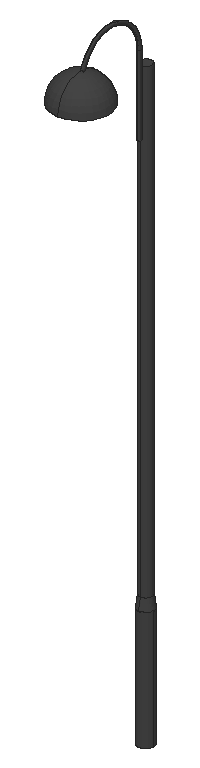
Revit family
Parameters
  Wattage = 250 W
  built-in parameter 1150110 = 1 (stored number, unit not read)
  built-in parameter 1114217 = 1 (stored number, unit not read)
  built-in parameter 1150109 = 1 (stored number, unit not read)
  built-in parameter 1150134 = 3
  built-in parameter 1150113 = 1 (stored number, unit not read)
  Material Post = Paint - Black Matte
  Main Radius = Base Radius - 25 mm  # 75 mm
  built-in parameter 1150105 = 1432.4 (stored number, unit not read)
  Lumens = 4500 lm
  built-in parameter 1150115 = 1 (stored number, unit not read)
  Light shade radius = 350 mm
  Light Source Symbol Size = 609.6 mm
  Light Overhang = 1000 mm
  built-in parameter 1150137 = (empty or 0)
  built-in parameter 1150139 = (empty or 0)
  built-in parameter 1150112 = 1 (stored number, unit not read)
  built-in parameter 1150114 = 1 (stored number, unit not read)
  built-in parameter 1150132 = (empty or 0)
  built-in parameter 1150102 = (empty or 0)
  built-in parameter 1150107 = 3200 (stored number, unit not read)
  built-in parameter 1150138 = (empty or 0)
  built-in parameter 1150106 = 14.324 (stored number, unit not read)
  Height = 7500 mm
  built-in parameter 1150104 = 1.6723 (stored number, unit not read)
  Dimming Lamp Color Temperature Shift = (empty or 0)
  Color Filter = 16777215
  Base Radius = 100 mm
  Base Height = 1500 mm
  built-in parameter 1114218 = 1 (stored number, unit not read)
  built-in parameter 1150133 = 10 (stored number, unit not read)
Reference planes
  plane 1 "Light Source Axis (F/B)": y = 0
  plane 2: z = 0
  plane 3 "Light Source Axis (L/R)": x = 0
  plane 4 "Light Source Elevation": z = 7500
  plane 5: z = 1500
  plane 6: z = 1650
  plane 7: y = -1000
  plane 8: z = 6700
  plane 9: z = 7950
  plane 10: y = -100
  plane 11: y = -550
  plane 12: z = 7700
  plane 13: z = 8100
  plane 14: y = -650
Forms (mm)
  Extrusion 1, solid, material "Paint - Black Matte" <- "Material Post"
    sketch origin (0, 0, 0) x (1, 0, 0) y (0, 1, 0)
      loop
        circle (0, 0) r 100
    from 0 to 1500
  Extrusion 2, solid, material "Paint - Black Matte" <- "Material Post"
    sketch origin (0, 0, 1650) x (0, -1, 0) y (-1, 0, 0)
      loop
        circle (0, 0) r 75
    from 0 to -5850
  Blend 3, solid, material "Paint - Black Matte" <- "Material Post"
    base sketch origin (0, 0, 1500) x (0, -1, 0) y (1, 0, 0)
      loop
        circle (0, 0) r 100
    top sketch origin (0, 0, 1500) x (0, -1, 0) y (1, 0, 0)
      loop
        circle (0, 0) r 75
    from 0 to 150
  Sweep 4, solid, material "Paint - Black Matte" <- "Material Post"
    path origin (0, 0, 0) x (0, 1, 0) y (0, 0, 1)
      loop
        line (-100, 6700) -> (-100, 7700)
        arc (-100, 7700) -> (-550, 8150) -> (-1000, 7700) r 450
    profile origin (0, 0, 7200) x (0, -1, 0) y (1, 0, 0)
      loop
        circle (100, 0) r 20
  Revolve 5, solid, material "Paint - Black Matte" <- "Material Post"
    sketch origin (0, 0, 0) x (0, 1, 0) y (0, 0, 1)
      loop
        arc (-650, 7500) -> (-752.513, 7747.487) -> (-1000, 7850) r 350
        line (-1000, 7850) -> (-1000, 7840)
        arc (-1000, 7840) -> (-759.584, 7740.416) -> (-660, 7500) r 340
        line (-660, 7500) -> (-650, 7500)
      axis (-1000, 7850) -> (-1000, 7500)
    angle from 0 to 360
Dimensions and locks
  "Base Height": plane 5 to plane 2
  "Height": plane 4 "Light Source Elevation" to plane 2
  plane 6 to plane 5 = 150 mm
  locked: plane 8 to plane 4 "Light Source Elevation" at 800
  plane 7 to plane 1 "Light Source Axis (F/B)" = 1000 mm
  "Light Overhang": plane 1 "Light Source Axis (F/B)" to plane 7
  equal spacing: plane 10, plane 11, plane 7
  locked: plane 1 "Light Source Axis (F/B)" to plane 10 at 100
  "Light shade radius": plane 14 to plane 7
  plane 5 to plane 6 = 150 mm
  locked: Sweep 4 sketch curve to plane 7 at 0
  plane 4 "Light Source Elevation" to Sweep 4 sketch curve = 650 mm
  "Base Radius": radius of Extrusion 1 sketch curve
  "Main Radius": radius of Extrusion 2 sketch curve
  aligned and locked: Extrusion 2 to plane 6
  aligned and locked: Extrusion 2 to plane 4 "Light Source Elevation"
  aligned and locked: Blend 3 to plane 6
  aligned and locked: Blend 3 sketch curve to Extrusion 1
  aligned and locked: Blend 3 sketch curve to Extrusion 2
  aligned and locked: Extrusion 1 to plane 5
  aligned and locked: plane 3 "Light Source Axis (L/R)" to imposter light
  aligned and locked: imposter light to plane 4 "Light Source Elevation"
  aligned and locked: imposter light to plane 7
Automatic sketch dimensions
  Extrusion 1 sketch curve to plane 1 "Light Source Axis (F/B)" = 0 mm
  Extrusion 1 sketch curve to plane 3 "Light Source Axis (L/R)" = 0 mm
  Extrusion 2 sketch curve to plane 1 "Light Source Axis (F/B)" = 0 mm
  Extrusion 2 sketch curve to plane 3 "Light Source Axis (L/R)" = 0 mm
  Sweep 4 sketch curve to plane 3 "Light Source Axis (L/R)" = 0 mm
  Sweep 4 sketch curve to profile plane = 0 mm
  Revolve 5 sketch curve to plane 4 "Light Source Elevation" = 0 mm
  Revolve 5 sketch curve to plane 7 = 0 mm  (x2)
  Revolve 5 sketch curve to plane 14 = 0 mm
  Revolve 5 sketch curve to plane 14 = 10 mm
  Revolve 5 sketch curve to level = 508 mm
  Revolve 5 sketch curve to plane 13 = 653 mm
  Sweep 4 sketch curve to plane 11 = 0 mm
  Sweep 4 sketch curve to plane 8 = 0 mm
  radius of Sweep 4 sketch curve = 20 mm
